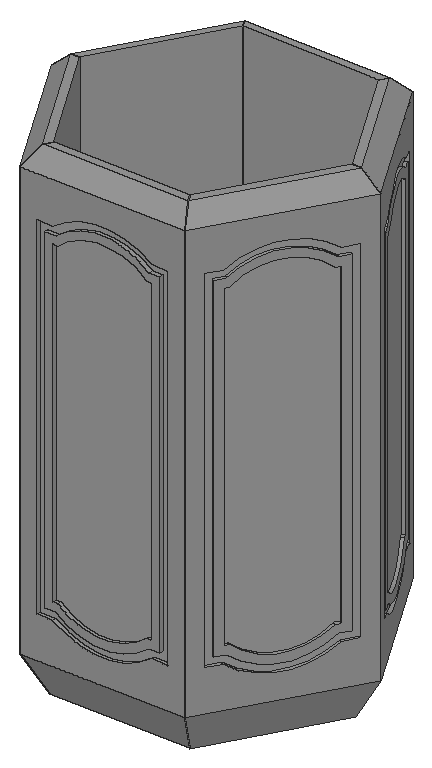
Revit family "Урна бетонная 1", category Антураж, Revit 2017
Family settings
  На основе рабочей плоскости = Нет
  Всегда вертикально = Да
  При загрузке вырезать с полостями = Нет
  Источник визуального образа = Геометрия семейства
  Общий = Нет
  Точка расчета площади = Нет
Parameters (values of type "Урна бетонная 1")
  Стоимость = 4320
  Изготовитель = "ООО «Хоббика»"
  Высота = 0 mm
  URL = "https://hobbyka.ru/product/urna_betonnaya_1/?sphrase_id=88646"
  ADSK_Размер_Ширина = 350 mm
  ADSK_Размер_Длина = 400 mm
  ADSK_Размер_Высота = 600 mm
  ADSK_Объем = 0.00 m³
  ADSK_Наименование = "Урна бетонная 1"
  ADSK_Материал урны = Бетон
  ADSK_Масса = 80.00 kg
  ADSK_Код изделия = "9988"
Reference planes
  plane 1 "По центру (Вперед/Назад)": y = 0
  plane 2: z = 0
  plane 3 "По центру (Влево/Вправо)": x = 0
Forms (mm)
  Extrusion 1, solid, material "Бетон" <- "ADSK_Материал урны"
    sketch origin (0, 0, 0) x (1, 0, 0) y (0, 1, 0)
      loop
        line (-82.679, 143.205) -> (-165.359, 0) -> (-82.679, -143.205) -> (82.679, -143.205) -> (165.359, 0) -> (82.679, 143.205) -> (-82.679, 143.205)
    from 0 to 20
Dimensions and locks
  aligned and locked: level to plane 2
Nested families
  nested 1: "Стенка" at (0, -143.205, 0), ADSK_Материал урны <- "ADSK_Материал урны", type "Стенка"
    with ADSK_Материал урны Бетон
  nested 2: "Стенка" at (124.019, -71.603, 0) x (0.5, 0.866, 0) z (0, 0, 1), ADSK_Материал урны <- "ADSK_Материал урны", type "Стенка"
    with ADSK_Материал урны Бетон
  nested 3: "Стенка" at (124.019, 71.603, 0) x (-0.5, 0.866, 0) z (0, 0, 1), ADSK_Материал урны <- "ADSK_Материал урны", type "Стенка"
    with ADSK_Материал урны Бетон
  nested 4: "Стенка" at (0, 143.205, 0) x (-1, 0, 0) z (0, 0, 1), ADSK_Материал урны <- "ADSK_Материал урны", type "Стенка"
    with ADSK_Материал урны Бетон
  nested 5: "Стенка" at (-124.019, 71.603, 0) x (-0.5, -0.866, 0) z (0, 0, 1), ADSK_Материал урны <- "ADSK_Материал урны", type "Стенка"
    with ADSK_Материал урны Бетон
  nested 6: "Стенка" at (-124.019, -71.603, 0) x (0.5, -0.866, 0) z (0, 0, 1), ADSK_Материал урны <- "ADSK_Материал урны", type "Стенка"
    with ADSK_Материал урны Бетон
Definition of nested family "Стенка"
  Parameters (values of type "Стенка")
    Height = 0 mm
    ADSK_Материал урны [instance] = none
  Reference planes
    plane 1 "По центру (Вперед/Назад)": y = 0
    plane 2: z = 0
    plane 3 "По центру (Влево/Вправо)": x = 0
  Forms (mm)
    Extrusion 1, solid, material <- "ADSK_Материал урны"
      sketch origin (0, 143.205, 0) x (0, 1, 0) y (0, 0, 1)
        loop
          line (-143.205, 600) -> (-153.205, 600) -> (-173.205, 580) -> (-173.205, 50) -> (-146.885, 0) -> (-143.205, 0) -> (-143.205, 600)
      from -100 to 100
    Extrusion 2, void
      sketch origin (0, 0, 0) x (1, 0, 0) y (0, 0, 1)
        loop
          line (-80, 530) -> (-80, 100) -> (-60, 100)
          arc (-60, 100) -> (0, 80) -> (60, 100) r 100
          line (60, 100) -> (80, 100) -> (80, 530) -> (60, 530)
          arc (60, 530) -> (0, 550) -> (-60, 530) r 100
          line (-60, 530) -> (-80, 530)
        loop
          line (-70, 520) -> (-70, 110) -> (-56.962, 110)
          arc (-56.962, 110) -> (0, 90.014) -> (56.962, 110) r 91.168
          line (56.962, 110) -> (70, 110) -> (70, 520) -> (56.962, 520)
          arc (56.962, 520) -> (0, 539.854) -> (-56.962, 520) r 91.641
          line (-56.962, 520) -> (-70, 520)
        loop
          line (60, 120) -> (60, 510) -> (53.924, 510)
          arc (53.924, 510) -> (0, 530.164) -> (-53.924, 510) r 82.187
          line (-53.924, 510) -> (-60, 510) -> (-60, 120) -> (-53.924, 120)
          arc (-53.924, 120) -> (0, 99.964) -> (53.924, 120) r 82.583
          line (53.924, 120) -> (60, 120)
      from 10 to 30
    Extrusion 3, solid
      sketch origin (0, 0, 0) x (1, 0, 0) y (0, 0, 1)
        loop
          line (-60, 530) -> (-80, 530) -> (-80, 100) -> (-60, 100)
          arc (-60, 100) -> (0, 80) -> (60, 100) r 100
          line (60, 100) -> (80, 100) -> (80, 530) -> (60, 530)
          arc (60, 530) -> (0, 550) -> (-60, 530) r 100
        loop
          arc (56.962, 520) -> (0, 539.854) -> (-56.962, 520) r 91.641
          line (-56.962, 520) -> (-70, 520) -> (-70, 110) -> (-56.962, 110)
          arc (-56.962, 110) -> (0, 90.014) -> (56.962, 110) r 91.168
          line (56.962, 110) -> (70, 110) -> (70, 520) -> (56.962, 520)
        loop
          line (-60, 510) -> (-60, 120) -> (-53.924, 120)
          arc (-53.924, 120) -> (0, 99.964) -> (53.924, 120) r 82.583
          line (53.924, 120) -> (60, 120) -> (60, 510) -> (53.924, 510)
          arc (53.924, 510) -> (0, 530.164) -> (-53.924, 510) r 82.187
          line (-53.924, 510) -> (-60, 510)
      from 10 to 25
    Extrusion 4, void
      sketch origin (0, 0, 0) x (1, 0, 0) y (0, 1, 0)
        loop
          line (-80, 4.641) -> (-105, 4.641) -> (-105, -38.66) -> (-80, 4.641)
        loop
          line (80, 4.641) -> (105, -38.66) -> (105, 4.641) -> (80, 4.641)
      from 0 to 600
  Cuts and joins
    Extrusion 2, Extrusion 4 cuts Extrusion 1
  Dimensions and locks
    aligned and locked: level to plane 2
    aligned and locked: Extrusion 1 to Extrusion 2
    aligned and locked: Extrusion 2 to Extrusion 1
    aligned and locked: Extrusion 4 to Extrusion 1
    aligned and locked: Extrusion 4 to level
